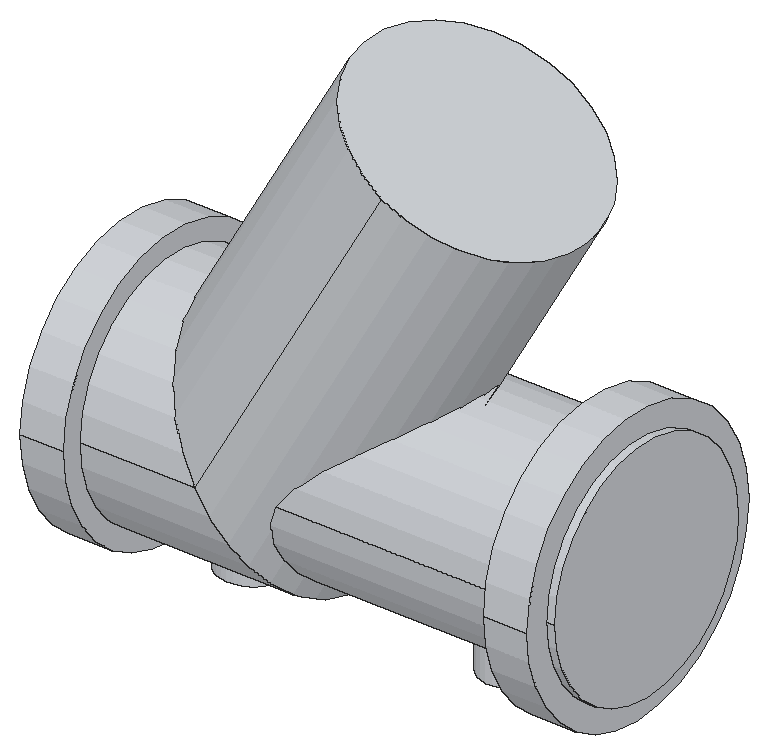
Revit family "HS 821-síto_jemné-PN16-DN400-RFA_2019", category Pipe Accessories, Revit 2019
Family settings
  Round Connector Dimension = Use Diameter
  Part Type = Breaks Into
  Work Plane-Based = No
  Always vertical = Yes
  Cut with Voids When Loaded = No
  Shared = No
Parameters (values of type "821A-DN400-PN16-síto_jemné")
  magiProductId = "d2f677cb196647e385b2590e7d8abe"
  magiProductFamilyId = "79214ac3aaa945e397802f559f5c1e"
  magiPartTypeId = 307
  isMeasuringValve [instance] = no
  ang2D [instance] = 0.00°
  ZB__ve = -ZB  # -89 mm
  ZB1 = 194.4 mm
  ZB = 89 mm
  X2 = 392.237 mm
  X1 = 154 mm
  W2D = 15 mm
  VersionID = "2.0/2017.9.26.1/ZETKAMA_821_001"
  Use Minimum Symbol Size [instance] = yes
  URL = "www.hydronix.cz"
  Type Comments = "Filtr přírubový; síto jemné; A-PN16 (-10~300°C); D-PN25 (-10~350°C); F-PN40 (-10~400°C)"
  S = 480 mm
  QmdConnectorList = "301;D;302;D"
  Productdata [instance] = ""
  Manufacturer = "Hydronix"
  MC Product Code = "210 197 (821A; DN400; PN16; kvs3438,4; oko síta 0,63mm)"
  LM1 = 88 mm
  LM = 880 mm
  L4 = 275 mm
  L2D_Min = 3048 mm
  L2D = 130 mm
  L2 = 550 mm
  HH2 = 679.375 mm
  FD = 580 mm
  Description = "Filtr přírubový; síto jemné; 821A-PN16; 821D-PN25; 821F-PN40"
  DM1 = 498 mm
  DM = 432 mm
  D = 400 mm
  CC = 18.7 mm
  CAT0 = yes
  C1 = 91.3 mm
  C = 110 mm
  BD = 136.08 mm
Types (40, lengths in mm): name | magiProductId | ZB__ve | ZB1 | ZB | X2 | X1 | S | MC Product Code | LM1 | LM | L4 | L2 | HH2 | FD | DM1 | DM | D | CC | C1 | C | BD
  821A-DN015-PN16-síto_jemné | "a71bcfe8b393460598b23e8ddf7dc5" | -16.25 | 18.63 | 16.25 | 46.982 | 18.2 | 46 | "210 115 (821A; DN015; PN16; kvs6,2; oko síta 0,63mm)" | 10.4 | 104 | 32.5 | 65 | 81.375 | 95 | 27.6 | 41.4 | 15 | 2.21 | 10.79 | 13 | 13.041
  821A-DN020-PN16-síto_jemné | "41cd6c7a12924f4991217528336076" | -17.75 | 22.68 | 17.75 | 51.673 | 21 | 56 | "210 120 (821A; DN020; PN16; kvs9,6; oko síta 0,63mm)" | 12 | 120 | 37.5 | 75 | 89.5 | 105 | 33.6 | 50.4 | 20 | 2.55 | 12.45 | 15 | 15.876
  821A-DN025-PN16-síto_jemné | "be378b463ed14c3abf4c9b3ae8cf3a" | -19.25 | 26.325 | 19.25 | 58.601 | 22.4 | 65 | "210 125 (821A; DN025; PN16; kvs14,2; oko síta 0,63mm)" | 12.8 | 128 | 40 | 80 | 101.5 | 115 | 43.2 | 58.5 | 25 | 2.72 | 13.28 | 16 | 18.427
  821A-DN032-PN16-síto_jemné | "227a0d18b21540afabe8b6067d35fa" | -23 | 30.78 | 23 | 68.849 | 25.2 | 76 | "210 132 (821A; DN032; PN16; kvs23,1; oko síta 0,63mm)" | 14.4 | 144 | 45 | 90 | 119.25 | 140 | 50.4 | 68.4 | 32 | 3.06 | 14.94 | 18 | 21.546
  821A-DN040-PN16-síto_jemné | "d106917c74724141a10440112d0102" | -24.5 | 34.02 | 24.5 | 75.777 | 28 | 84 | "210 140 (821A; DN040; PN16; kvs36,6; oko síta 0,63mm)" | 16 | 160 | 50 | 100 | 131.25 | 150 | 60 | 75.6 | 40 | 3.4 | 16.6 | 20 | 23.814
  821A-DN050-PN16-síto_jemné | "8255d456a09e4f6486734f5dd9171b" | -26.75 | 40.095 | 26.75 | 79.061 | 32.2 | 99 | "210 150 (821A; DN050 PN16; kvs53,7; oko síta 0,63mm)" | 18.4 | 184 | 57.5 | 115 | 136.938 | 165 | 73.8 | 89.1 | 50 | 3.91 | 19.09 | 23 | 28.066
  821A-DN065-PN16-síto_jemné | "235b1b3e4c0843779a4d5e3716d40a" | -29.75 | 47.79 | 29.75 | 86.927 | 40.6 | 118 | "210 165 (821A; DN065; PN16; kvs95,1; oko síta 0,63mm)" | 23.2 | 232 | 72.5 | 145 | 150.562 | 185 | 94.2 | 106.2 | 65 | 4.93 | 24.07 | 29 | 33.453
  821A-DN080-PN16-síto_jemné | "a067f7c5236348ed8c820d16df7214" | -32 | 53.46 | 32 | 104.753 | 43.4 | 132 | "210 180 (821A; DN080; PN16; kvs137,1; oko síta 0,63mm)" | 24.8 | 248 | 77.5 | 155 | 181.438 | 200 | 107.4 | 118.8 | 80 | 5.27 | 25.73 | 31 | 37.422
  821A-DN100-PN16-síto_jemné | "c49a648c2747461285837d643703cd" | -35 | 63.18 | 35 | 114.857 | 49 | 156 | "210 190 (821A; DN100; PN16; kvs206,4; oko síta 0,63mm)" | 28 | 280 | 87.5 | 175 | 198.937 | 220 | 131.4 | 140.4 | 100 | 5.95 | 29.05 | 35 | 44.226
  821A-DN125-PN16-síto_jemné | "bf68e728a163493cbd2a663b26ebdc" | -39.5 | 74.52 | 39.5 | 131.888 | 56 | 184 | "210 191 (821A; DN125; PN16; kvs268,8; oko síta 0,63mm)" | 32 | 320 | 100 | 200 | 228.438 | 250 | 165 | 165.6 | 125 | 6.8 | 33.2 | 40 | 52.164
  821A-DN150-PN16-síto_jemné | "2de770284b654863ae6bc865769dc5" | -44.75 | 85.455 | 44.75 | 155.885 | 67.2 | 211 | "210 192 (821A; DN150; PN16; kvs401,4; oko síta 0,63mm)" | 38.4 | 384 | 120 | 240 | 270 | 285 | 192 | 189.9 | 150 | 8.16 | 39.84 | 48 | 59.818
  821A-DN200-PN16-síto_jemné | "8e5693371ab64aabb29a7f08c76e15" | -53 | 107.73 | 53 | 188.361 | 84 | 266 | "210 193 (821A; DN200; PN16; kvs706,7; oko síta 0,63mm)" | 48 | 480 | 150 | 300 | 326.25 | 340 | 252 | 239.4 | 200 | 10.2 | 49.8 | 60 | 75.411
  821A-DN250-PN16-síto_jemné | "05e37ed948c34047acdd4c42556504" | -62.75 | 129.195 | 62.75 | 255.911 | 102.2 | 319 | "210 194 (821A; DN250; PN16; kvs1229,4; oko síta 0,63mm)" | 58.4 | 584 | 182.5 | 365 | 443.25 | 405 | 309.6 | 287.1 | 250 | 12.41 | 60.59 | 73 | 90.436
  821A-DN300-PN16-síto_jemné | "9ad0af747269428da925480d83ce80" | -71 | 149.85 | 71 | 325.914 | 119 | 370 | "210 195 (821A; DN300; PN16; kvs1902,4; oko síta 0,63mm)" | 68 | 680 | 212.5 | 425 | 564.5 | 460 | 369.6 | 333 | 300 | 14.45 | 70.55 | 85 | 104.895
  821A-DN350-PN16-síto_jemné | "eebc71459bb3451bb4355e7951370a" | -80 | 173.745 | 80 | 356.875 | 137.2 | 429 | "200 196 (821A; DN350; PN16; kvs2611,0; oko síta 0,63mm)" | 78.4 | 784 | 245 | 490 | 618.125 | 520 | 438 | 386.1 | 350 | 16.66 | 81.34 | 98 | 121.621
  821A-DN400-PN16-síto_jemné | "d2f677cb196647e385b2590e7d8abe" | -89 | 194.4 | 89 | 392.237 | 154 | 480 | "210 197 (821A; DN400; PN16; kvs3438,4; oko síta 0,63mm)" | 88 | 880 | 275 | 550 | 679.375 | 580 | 498 | 432 | 400 | 18.7 | 91.3 | 110 | 136.08
  821D-DN015-PN25-síto_jemné | "27ddcbf555414f8ca1fde329bf9087" | -16.25 | 18.63 | 16.25 | 46.982 | 18.2 | 46 | "210 215 (821D; DN015; PN25; kvs6,2; oko síta 0,63mm)" | 10.4 | 104 | 32.5 | 65 | 81.375 | 95 | 27.6 | 41.4 | 15 | 2.21 | 10.79 | 13 | 13.041
  821D-DN020-PN25-síto_jemné | "270e0f14012f47189cd0235c18faee" | -17.75 | 22.68 | 17.75 | 51.673 | 21 | 56 | "210 220 (821D; DN020; PN25; kvs9,6; oko síta 0,63mm)" | 12 | 120 | 37.5 | 75 | 89.5 | 105 | 33.6 | 50.4 | 20 | 2.55 | 12.45 | 15 | 15.876
  821D-DN025-PN25-síto_jemné | "b9a7fb4aa36643878c637d8e1ab992" | -19.25 | 26.325 | 19.25 | 58.601 | 22.4 | 65 | "210 225 (821D; DN025; PN25; kvs14,2; oko síta 0,63mm)" | 12.8 | 128 | 40 | 80 | 101.5 | 115 | 43.2 | 58.5 | 25 | 2.72 | 13.28 | 16 | 18.427
  821D-DN032-PN25-síto_jemné | "6be9a55c4e68400f94eec7e804204c" | -23 | 30.78 | 23 | 68.849 | 25.2 | 76 | "210 232 (821D; DN032; PN25; kvs23,1; oko síta 0,63mm)" | 14.4 | 144 | 45 | 90 | 119.25 | 140 | 50.4 | 68.4 | 32 | 3.06 | 14.94 | 18 | 21.546
  821D-DN040-PN25-síto_jemné | "c54511bd7f584ec2984291479612cb" | -24.5 | 34.02 | 24.5 | 75.777 | 28 | 84 | "210 240 (821D; DN040; PN25; kvs36,6; oko síta 0,63mm)" | 16 | 160 | 50 | 100 | 131.25 | 150 | 60 | 75.6 | 40 | 3.4 | 16.6 | 20 | 23.814
  821D-DN050-PN25-síto_jemné | "5483b1f596b04cd39b23a14a22c90e" | -26.75 | 40.095 | 26.75 | 79.061 | 32.2 | 99 | "210 250 (821D; DN050; PN25; kvs53,7; oko síta 0,63mm)" | 18.4 | 184 | 57.5 | 115 | 136.938 | 165 | 73.8 | 89.1 | 50 | 3.91 | 19.09 | 23 | 28.066
  821D-DN065-PN25-síto_jemné | "767b0f8318e94750bc7a9930ed5b30" | -29.75 | 47.79 | 29.75 | 86.927 | 40.6 | 118 | "210 265 (821D; DN065; PN25; kvs95,1; oko síta 0,63mm)" | 23.2 | 232 | 72.5 | 145 | 150.562 | 185 | 94.2 | 106.2 | 65 | 4.93 | 24.07 | 29 | 33.453
  821D-DN080-PN25-síto_jemné | "e21040fa3cc2404b858198f6b73709" | -32 | 53.46 | 32 | 104.753 | 43.4 | 132 | "210 280 (821D; DN080; PN25; kvs137,1; oko síta 0,63mm)" | 24.8 | 248 | 77.5 | 155 | 181.438 | 200 | 107.4 | 118.8 | 80 | 5.27 | 25.73 | 31 | 37.422
  821D-DN100-PN25-síto_jemné | "175ca87a506b40b3bc6b82f12f33cf" | -37.25 | 63.18 | 37.25 | 114.857 | 49 | 156 | "210 290 (821D; DN100; PN25; kvs206,4; oko síta 0,63mm)" | 28 | 280 | 87.5 | 175 | 198.937 | 235 | 131.4 | 140.4 | 100 | 5.95 | 29.05 | 35 | 44.226
  821D-DN125-PN25-síto_jemné | "77cc98d60da24855999a22dff726b2" | -42.5 | 74.52 | 42.5 | 131.888 | 56 | 184 | "210 291 (821D; DN125; PN25; kvs268,8; oko síta 0,63mm)" | 32 | 320 | 100 | 200 | 228.438 | 270 | 165 | 165.6 | 125 | 6.8 | 33.2 | 40 | 52.164
  821D-DN150-PN25-síto_jemné | "9cf8acfcd15547d68e83172d3abcbe" | -47 | 85.455 | 47 | 155.885 | 67.2 | 211 | "210 292 (821D; DN150; PN25; kvs401,4; oko síta 0,63mm)" | 38.4 | 384 | 120 | 240 | 270 | 300 | 192 | 189.9 | 150 | 8.16 | 39.84 | 48 | 59.818
  821D-DN200-PN25-síto_jemné | "16973f3c9ea14389ba8602495a6b64" | -56 | 110.97 | 56 | 188.361 | 84 | 274 | "210 293 (821D; DN200; PN25; kvs706,7; oko síta 0,63mm)" | 48 | 480 | 150 | 300 | 326.25 | 360 | 252 | 246.6 | 200 | 10.2 | 49.8 | 60 | 77.679
  821F-DN015-PN40-síto_jemné | "4c7eaf3c4c0340888b3e684d8a8616" | -16.25 | 18.225 | 16.25 | 46.982 | 18.2 | 45 | "250 615 (821F; DN015; PN40; kvs6,2; oko síta 0,63mm)" | 10.4 | 104 | 32.5 | 65 | 81.375 | 95 | 27.6 | 40.5 | 15 | 2.21 | 10.79 | 13 | 12.757
  821F-DN020-PN40-síto_jemné | "aaac5f1ec96b44d6ba96ac2293d66d" | -17.75 | 23.49 | 17.75 | 51.673 | 21 | 58 | "250 620 (821F; DN020; PN40; kvs9,6; oko síta 0,63mm)" | 12 | 120 | 37.5 | 75 | 89.5 | 105 | 33.6 | 52.2 | 20 | 2.55 | 12.45 | 15 | 16.443
  821F-DN025-PN40-síto_jemné | "504768023968471481789485b54c7e" | -19.25 | 27.54 | 19.25 | 58.601 | 22.4 | 68 | "250 625 (821F; DN025; PN40; kvs14,2; oko síta 0,63mm)" | 12.8 | 128 | 40 | 80 | 101.5 | 115 | 43.2 | 61.2 | 25 | 2.72 | 13.28 | 16 | 19.278
  821F-DN032-PN40-síto_jemné | "165e7f39cf744f329bdf1c400dad12" | -23 | 31.59 | 23 | 68.849 | 25.2 | 78 | "250 632 (821F; DN032; PN40; kvs23,1; oko síta 0,63mm)" | 14.4 | 144 | 45 | 90 | 119.25 | 140 | 50.4 | 70.2 | 32 | 3.06 | 14.94 | 18 | 22.113
  821F-DN040-PN40-síto_jemné | "b8903f952089408fbf3a5a632bab1f" | -24.5 | 35.64 | 24.5 | 75.777 | 28 | 88 | "250 640 (821F; DN040; PN40; kvs36,6; oko síta 0,63mm)" | 16 | 160 | 50 | 100 | 131.25 | 150 | 60 | 79.2 | 40 | 3.4 | 16.6 | 20 | 24.948
  821F-DN050-PN40-síto_jemné | "c451f97266fe48da8f879cb6a2bd44" | -26.75 | 41.31 | 26.75 | 79.061 | 32.2 | 102 | "250 650 (821F; DN050; PN40; kvs53,7; oko síta 0,63mm)" | 18.4 | 184 | 57.5 | 115 | 136.938 | 165 | 73.8 | 91.8 | 50 | 3.91 | 19.09 | 23 | 28.917
  821F-DN065-PN40-síto_jemné | "dc9821e3f9b34e128f6a8c6b34c198" | -29.75 | 49.41 | 29.75 | 86.927 | 40.6 | 122 | "250 665 (821F; DN065; PN40; kvs95,1; oko síta 0,63mm)" | 23.2 | 232 | 72.5 | 145 | 150.562 | 185 | 94.2 | 109.8 | 65 | 4.93 | 24.07 | 29 | 34.587
  821F-DN080-PN40-síto_jemné | "689aa1e260f84cf4994f027a1d86b5" | -32 | 55.89 | 32 | 104.753 | 43.4 | 138 | "250 680 (821F; DN080; PN40; kvs137,1; oko síta 0,63mm)" | 24.8 | 248 | 77.5 | 155 | 181.438 | 200 | 107.4 | 124.2 | 80 | 5.27 | 25.73 | 31 | 39.123
  821F-DN100-PN40-síto_jemné | "8a45d4e8e2ab425f8c432f21d684f3" | -37.25 | 65.61 | 37.25 | 114.857 | 49 | 162 | "250 690 (821F; DN100; PN40; kvs206,4; oko síta 0,63mm)" | 28 | 280 | 87.5 | 175 | 198.937 | 235 | 131.4 | 145.8 | 100 | 5.95 | 29.05 | 35 | 45.927
  821F-DN125-PN40-síto_jemné | "cf073904c006406b8645afa67ea2fc" | -42.5 | 76.14 | 42.5 | 131.888 | 56 | 188 | "250 691 (821F; DN125; PN40; kvs268,8; oko síta 0,63mm)" | 32 | 320 | 100 | 200 | 228.438 | 270 | 165 | 169.2 | 125 | 6.8 | 33.2 | 40 | 53.298
  821F-DN150-PN40-síto_jemné | "0153b9ddabe14992a630484929fdbc" | -47 | 88.29 | 47 | 155.885 | 67.2 | 218 | "250 692 (821F; DN150; PN40; kvs401,4; oko síta 0,63mm)" | 38.4 | 384 | 120 | 240 | 270 | 300 | 192 | 196.2 | 150 | 8.16 | 39.84 | 48 | 61.803
  821F-DN200-PN40-síto_jemné | "7fb3fc01dd8d42428c203e3f8dd4d5" | -56 | 115.425 | 56 | 188.361 | 84 | 285 | "250 693 (821F; DN200; PN40; kvs706,7; oko síta 0,63mm)" | 48 | 480 | 150 | 300 | 326.25 | 360 | 252 | 256.5 | 200 | 10.2 | 49.8 | 60 | 80.797
Reference planes
  plane 1 "Center (Front/Back)": y = 0
  plane 2 "XYPLANE": z = 0
  plane 3 "Center (Left/Right)": x = 0
  plane 4 "109": x = -352
  plane 5 "108": x = 440
  plane 6 "107": x = -440
  plane 7 "105": x = 550
  plane 8 "104": x = -550
  plane 9 "103": y = 0
  plane 10 "102": z = 0
  plane 11 "101": x = -531.3
  plane 12 "100": x = 531.3
  plane 13 "11": x = -198
  plane 14 "10": z = 679.375
  plane 15 "9": x = 194.237
  plane 16 "5": z = -194.4
  plane 17 "4": x = -275
  plane 18 "1": x = 275
Forms (mm)
  Extrusion 1, solid, visible <- "CAT0"
    sketch origin (-440, -750, 0) x (0, 1, 0) y (0, 0, 1)
      loop
        circle (750, 0) r 216
    from 0 to 880 <- "LM"
  Extrusion 2, solid
    sketch origin (-550, -750, 0) x (0, 1, 0) y (0, 0, 1)
      loop
        circle (750, 0) r 240
    from 0 to 18.7 <- "CC"
  Extrusion 3, solid
    sketch origin (-531.3, -750, 0) x (0, 1, 0) y (0, 0, 1)
      loop
        circle (750, 0) r 290
    from 0 to 91.3 <- "C1"
  Extrusion 4, solid
    sketch origin (440, -750, 0) x (0, 1, 0) y (0, 0, 1)
      loop
        circle (750, 0) r 290
    from 0 to 91.3 <- "C1"
  Extrusion 5, solid
    sketch origin (531.3, -750, 0) x (0, 1, 0) y (0, 0, 1)
      loop
        circle (750, 0) r 240
    from 0 to 18.7 <- "CC"
  Sweep 6, solid, visible <- "CAT0"
    path origin (750, 0, 0) x (-1, 0, 0) y (0, 0, 1)
      loop
        line (1190, 0) -> (948, 0) -> (555.763, 679.375)
    profile origin (-440, 0, 0) x (0, 0, -1) y (0, 1, 0)
      loop
        circle (0, 0) r 249
  Extrusion 7, solid, visible <- "CAT0"
    sketch origin (-750, 0, -194.4) x (1, 0, 0) y (0, 1, 0)
      loop
        circle (475, 0) r 68.04
    from 0 to -89 <- "ZB__ve"
  Extrusion 8, solid, visible <- "CAT0"
    sketch origin (-750, 0, -194.4) x (1, 0, 0) y (0, 1, 0)
      loop
        circle (1025, 0) r 68.04
    from 0 to -89 <- "ZB__ve"
  Extrusion 9, solid, not visible
    sketch origin (550, -750, 0) x (0, 1, 0) y (0, 0, 1)
      loop
        circle (750, 0) r 10
    from 0 to -10
  Extrusion 10, solid, not visible
    sketch origin (-550, -750, 0) x (0, 1, 0) y (0, 0, 1)
      loop
        circle (750, 0) r 10
    from 0 to 10
Lines and regions (mm)
  reference lines, not visible
    curve 1: circle (2, 2, 0) r 1 normal (0, 0, 1)
Dimensions and locks
  plane 1 "Center (Front/Back)" to curve 1 = 2 mm
  "LM1": plane 6 "107" to plane 4 "109"
  "LM": plane 6 "107" to plane 5 "108"
  "C": plane 8 "104" to plane 6 "107"
  "L2": plane 3 "Center (Left/Right)" to plane 7 "105"
  "L2": plane 3 "Center (Left/Right)" to plane 8 "104"
  locked: plane 1 "Center (Front/Back)" to plane 9 "103"
  locked: plane 2 "XYPLANE" to plane 10 "102"
  "CC": plane 8 "104" to plane 11 "101"
  "C1": plane 5 "108" to plane 12 "100"
  "X1": plane 4 "109" to plane 13 "11"
  "HH2": plane 2 "XYPLANE" to plane 14 "10"
  "X2": plane 13 "11" to plane 15 "9"
  "ZB1": plane 2 "XYPLANE" to plane 16 "5"
  "L4": plane 8 "104" to plane 17 "4"
  "L2": plane 17 "4" to plane 18 "1"
  Sweep 6 sketch curve to Sweep 6 sketch curve = 0 mm  (x2)
  "DM": diameter of Extrusion 1 sketch curve
  "S": diameter of Extrusion 2 sketch curve
  "FD": diameter of Extrusion 3 sketch curve
  "FD": diameter of Extrusion 4 sketch curve
  "S": diameter of Extrusion 5 sketch curve
  "DM1": diameter of Sweep 6 sketch curve
  "BD": diameter of Extrusion 7 sketch curve
  "BD": diameter of Extrusion 8 sketch curve
  aligned and locked: level to plane 2 "XYPLANE"
  aligned and locked: Extrusion 1 sketch curve to plane 9 "103"
  aligned and locked: plane 10 "102" to Extrusion 1 sketch curve
  aligned and locked: Extrusion 2 sketch curve to plane 9 "103"
  aligned and locked: plane 10 "102" to Extrusion 2 sketch curve
  aligned and locked: Extrusion 3 sketch curve to plane 9 "103"
  aligned and locked: plane 10 "102" to Extrusion 3 sketch curve
  aligned and locked: Extrusion 4 sketch curve to plane 9 "103"
  aligned and locked: plane 10 "102" to Extrusion 4 sketch curve
  aligned and locked: Extrusion 5 sketch curve to plane 9 "103"
  aligned and locked: plane 10 "102" to Extrusion 5 sketch curve
  aligned and locked: Sweep 6 sketch curve to plane 9 "103"
  aligned and locked: plane 10 "102" to Sweep 6 sketch curve  (x3)
  aligned and locked: plane 6 "107" to Sweep 6 sketch curve
  aligned and locked: plane 13 "11" to Sweep 6 sketch curve
  aligned and locked: plane 14 "10" to Sweep 6 sketch curve
  aligned and locked: plane 15 "9" to Sweep 6 sketch curve
  aligned and locked: plane 9 "103" to Extrusion 7 sketch curve
  aligned and locked: plane 17 "4" to Extrusion 7 sketch curve
  aligned and locked: plane 9 "103" to Extrusion 8 sketch curve
  aligned and locked: plane 18 "1" to Extrusion 8 sketch curve
  aligned and locked: Extrusion 9 sketch curve to plane 9 "103"
  aligned and locked: plane 10 "102" to Extrusion 9 sketch curve
  aligned and locked: Extrusion 10 sketch curve to plane 9 "103"
  aligned and locked: plane 10 "102" to Extrusion 10 sketch curve
Automatic sketch dimensions
  plane 1 "Center (Front/Back)" to Extrusion 9 sketch curve = 10 mm
  plane 1 "Center (Front/Back)" to Extrusion 10 sketch curve = 10 mm
  plane 3 "Center (Left/Right)" to curve 1 = 2 mm
  radius of curve 1 = 1 mm
Connectors
  piping at (-550, 0, 0), diameter 400, driven by "D"
    settings: on Extrusion 10, index 1, connector inside diameter 609.6 mm, connector length 0 mm, flow factor 0, pipe flow 0.0 L/s, pressure drop 0.0 Pa, fitting loss kfactor 0, connector angle 0.00°, fixture units 0, engagement length 0 mm, angle of deflection 0.00°, flow configuration 0, flow direction 0, fitting loss method 0, system type 29, joint type 0, gender type 0, connector reference index 2, connector utility 0, adjustable connector no, is connector primary yes, connector description ""
  piping at (550, 0, 0), diameter 400, driven by "D"
    settings: on Extrusion 9, index 2, connector inside diameter 609.6 mm, connector length 0 mm, flow factor 0, pipe flow 0.0 L/s, pressure drop 0.0 Pa, fitting loss kfactor 0, connector angle 0.00°, fixture units 0, engagement length 0 mm, angle of deflection 0.00°, flow configuration 0, flow direction 0, fitting loss method 0, system type 29, joint type 0, gender type 0, connector reference index 1, connector utility 0, adjustable connector no, is connector primary no, connector description ""
